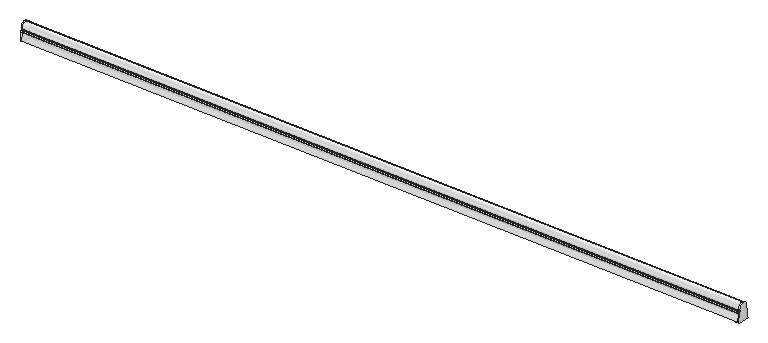
Revit family "0051040 Sylvania Lighting Fixture LED PIPE G2 L1500 NW", category Lighting Fixtures, host Face, Revit 2016
Family settings
  Host = Face
  Part Type = Normal
  Round Connector Dimension = Use Diameter
  OmniClass Number = 23.80.70.00
  OmniClass Title = Lighting
  Cut with Voids When Loaded = No
  Light Source = Yes
  Shared = No
  Room Calculation Point = No
Parameters (values of type "0051040 LED PIPE G2 L1500 NW")
  Width_SYL = 24 mm
  Weight = "6.52 kg"
  Wattage Comments = ""
  Wattage = 16 W
  WarrantyStartDate [instance] = "n/a"
  WarrantyGuarantorParts = "n/a"
  WarrantyDurationUnit = "n/a"
  WarrantyDurationParts = "n/a"
  WarrantyDescription = "n/a"
  built-in parameter 1150110 = 1 (stored number, unit not read)
  Voltage = 230 V
  URL = "http://www.sylvania-lighting.com"
  TypeName = "LED PIPE G2 L1500 NW"
  Type Image = <None>
  Type Comments = "n/a"
  built-in parameter 1114217 = 1 (stored number, unit not read)
  Tilt Angle = -90.00°
  built-in parameter 1150109 = 1 (stored number, unit not read)
  built-in parameter 1150134 = 12
  built-in parameter 1150113 = 1 (stored number, unit not read)
  SerialNumber [instance] = "n/a"
  RadiusTop_SYL = 9.1 mm
  RadiusSmall_SYL = 1.002 mm
  RadiusShoulder_SYL = 4.5 mm
  RadiusBottom_SYL = 1.5 mm
  Photometric Web File = "0051040.ies"
  Material_3_FEILO = none
  PowerFactor = 0.9
  PowerConsumption = "16 W"
  NominalLength = 1500 mm
  NominalHeight = 35 mm
  NominalDepth = 24 mm
  Name = "LED PIPE G2 L1500 NW"
  ModelReference = Name  # "LED PIPE G2 L1500 NW"
  ModelNumber = "0051040"
  Model = Name  # "LED PIPE G2 L1500 NW"
  Material = "pc housing, pc diffuser"
  ManufacturerName = "Feilo Sylvania"
  Manufacturer = "Feilo Sylvania"
  LuminousEfficacy = "100 lm/W"
  built-in parameter 1150105 = 315.45 (stored number, unit not read)
  Lumens = 1600 lm
  LuminaireType = ""
  built-in parameter 1150115 = 1 (stored number, unit not read)
  LightOutputRatio = "n/a"
  built-in parameter 1150137 = (empty or 0)
  built-in parameter 1150139 = (empty or 0)
  Length_SYL = 1500 mm
  LampsType = Lamp  # "LED"
  LampNominalLuminous = "1600 lm"
  LampMacAdamStep = "6"
  LampColourTemperature = "4000 K"
  LampColourRenderingIndex = "80"
  built-in parameter 1150112 = 1 (stored number, unit not read)
  built-in parameter 1150114 = 1 (stored number, unit not read)
  Lamp = "LED"
  Keynote = "16500"
  InstallationDate [instance] = "n/a"
  InputVoltage = "220-240V~"
  InputNominalFrequency = "50/60 Hz"
  built-in parameter 1150132 = (empty or 0)
  built-in parameter 1150102 = (empty or 0)
  built-in parameter 1150107 = 4000 (stored number, unit not read)
  built-in parameter 1150138 = (empty or 0)
  IngressProtection = "IP20"
  ImpactProtectionIndex = "IK02"
  built-in parameter 1150106 = 3.1545 (stored number, unit not read)
  IfcExportType = "IfcLightFixtureType"
  IfcExportAs = "IfcLightFixtureType"
  Height_SYL = 35 mm
  ExpectedLife = 50000
  built-in parameter 1150127 = 10 mm
  Emit from Rectangle Length = Length_SYL - 6 mm  # 1494 mm
  Emit Shape Visible in Rendering = no
  ElectricShockClassification = "Class II"
  built-in parameter 1150104 = 9.2903 (stored number, unit not read)
  DurationUnit = "hours"
  DocumentationLiterature = "http://www.sylvania-lighting.com/product/en-int/products/0051040"
  DimmingControlOptions = "n/a"
  Material_2_FEILO = LED-Sylvania-ledpipe
  Dimming Lamp Color Temperature Shift = <None>
  Description = "LED T5 replacement batten, seamless linking (up to 10M), Ideal for direct lighting such as under cabinet or in kitchens, 150 degree beam angle, includes switch, includes 0.30m stripped cable, white polycarbonate body, includes standard and tilting brackets"
  Default Elevation = 1219.2 mm
  CreatedOn = "6/11/2018"
  CreatedBy = "aron.fodor@sylvania-lighting.com"
  Cost = 0
  Color Filter = 16777215
  built-in parameter 1114216 [instance] = (empty or 0)
  ClassificationValue = "EF_70_80"
  ClassificationName = "Uniclass2015"
  Material_1_FEILO = Body-Sylvania-ledpipe
  BarCode [instance] = "n/a"
  built-in parameter 1114218 = 1 (stored number, unit not read)
  Emit from Rectangle Width = 3048 mm
  AssetType = "Fixed"
  AssetIdentifier [instance] = "n/a"
  Assembly Code = "D5020200"
  Apparent Load = 16 VA
  Material_4_FEILO = none
Reference planes
  plane 1 "Center (Front/Back)": y = 0
  plane 2: z = 0
  plane 3 "Center (Left/Right)": x = 0
  plane 4: y = 12
  plane 5: y = -12
  plane 6: z = 35
  plane 7: z = 25.8
  plane 8: y = -10
  plane 9: z = 18.8
  plane 10: z = 21
  plane 11: x = 750
  plane 12: x = -750
  plane 13: x = 747
  plane 14: x = -747
Forms (mm)
  Extrusion 1, solid, material "Body-Sylvania-ledpipe" <- "Material_1_FEILO"
    sketch origin (0, 0, 0) x (0, 1, 0) y (0, 0, 1)
      loop
        arc (-11.824, 1.659) -> (-11.447, 0.497) -> (-10.332, 0) r 1.5
        line (-10.332, 0) -> (10.332, 0)
        arc (10.332, 0) -> (11.447, 0.497) -> (11.824, 1.659) r 1.5
        line (11.824, 1.659) -> (10.168, 17.219)
        arc (10.168, 17.219) -> (9.754, 18.682) -> (8.875, 19.925) r 4.5
        line (8.875, 19.925) -> (8.294, 20.506)
        arc (8.294, 20.506) -> (8.012, 21.058) -> (8.109, 21.67) r 1.002
        arc (8.109, 21.67) -> (7.759, 30.556) -> (0, 34.9) r 9.1
        arc (0, 34.9) -> (-7.759, 30.556) -> (-8.109, 21.67) r 9.1
        arc (-8.109, 21.67) -> (-8.012, 21.058) -> (-8.294, 20.506) r 1.002
        line (-8.294, 20.506) -> (-8.875, 19.925)
        arc (-8.875, 19.925) -> (-9.754, 18.682) -> (-10.168, 17.219) r 4.5
        line (-10.168, 17.219) -> (-11.824, 1.659)
    from -747 to 747
  Extrusion 2, solid, material "Body-Sylvania-ledpipe" <- "Material_1_FEILO"
    sketch origin (747, -4572, 2609.058) x (0, 0, 1) y (0, -1, 0)
      loop
        arc (-2587.388, -4580.109) -> (-2578.502, -4579.759) -> (-2574.158, -4572) r 9.1
        arc (-2574.158, -4572) -> (-2578.502, -4564.241) -> (-2587.388, -4563.891) r 9.1
        arc (-2587.388, -4563.891) -> (-2588, -4563.988) -> (-2588.552, -4563.706) r 1.002
        line (-2588.552, -4563.706) -> (-2589.134, -4563.125)
        arc (-2589.134, -4563.125) -> (-2590.376, -4562.246) -> (-2591.84, -4561.832) r 4.5
        line (-2591.84, -4561.832) -> (-2607.399, -4560.176)
        arc (-2607.399, -4560.176) -> (-2608.561, -4560.553) -> (-2609.058, -4561.668) r 1.5
        line (-2609.058, -4561.668) -> (-2609.058, -4582.332)
        arc (-2609.058, -4582.332) -> (-2608.561, -4583.447) -> (-2607.399, -4583.824) r 1.5
        line (-2607.399, -4583.824) -> (-2591.84, -4582.168)
        arc (-2591.84, -4582.168) -> (-2590.376, -4581.754) -> (-2589.134, -4580.875) r 4.5
        line (-2589.134, -4580.875) -> (-2588.552, -4580.294)
        arc (-2588.552, -4580.294) -> (-2588, -4580.012) -> (-2587.388, -4580.109) r 1.002
    from 0 to 3
  Extrusion 3, solid, material "Body-Sylvania-ledpipe" <- "Material_1_FEILO"
    sketch origin (-297, -4572, 2609.058) x (0, 0, 1) y (0, -1, 0)
      loop
        arc (-2587.388, -4580.109) -> (-2578.502, -4579.759) -> (-2574.158, -4572) r 9.1
        arc (-2574.158, -4572) -> (-2578.502, -4564.241) -> (-2587.388, -4563.891) r 9.1
        arc (-2587.388, -4563.891) -> (-2588, -4563.988) -> (-2588.552, -4563.706) r 1.002
        line (-2588.552, -4563.706) -> (-2589.134, -4563.125)
        arc (-2589.134, -4563.125) -> (-2590.376, -4562.246) -> (-2591.84, -4561.832) r 4.5
        line (-2591.84, -4561.832) -> (-2607.399, -4560.176)
        arc (-2607.399, -4560.176) -> (-2608.561, -4560.553) -> (-2609.058, -4561.668) r 1.5
        line (-2609.058, -4561.668) -> (-2609.058, -4582.332)
        arc (-2609.058, -4582.332) -> (-2608.561, -4583.447) -> (-2607.399, -4583.824) r 1.5
        line (-2607.399, -4583.824) -> (-2591.84, -4582.168)
        arc (-2591.84, -4582.168) -> (-2590.376, -4581.754) -> (-2589.134, -4580.875) r 4.5
        line (-2589.134, -4580.875) -> (-2588.552, -4580.294)
        arc (-2588.552, -4580.294) -> (-2588, -4580.012) -> (-2587.388, -4580.109) r 1.002
    from -450 to -453
Lines and regions (mm)
  reference lines
    curve 1: circle (0, 0, 25.8) r 9.1 normal (1, 0, 0)
    curve 2: line (0, -12, 0) -> (0, -10, 18.8)
Dimensions and locks
  equal spacing: plane 5, plane 1 "Center (Front/Back)", plane 4
  "Width_SYL": plane 5 to plane 4
  "Height_SYL": plane 6 to plane 2
  locked: plane 6 to plane 7 at 9.2
  locked: plane 5 to plane 8 at 2
  locked: plane 7 to plane 9 at 7
  locked: plane 10 to plane 9 at 2.2
  equal spacing: plane 11, plane 3 "Center (Left/Right)", plane 12
  "Length_SYL": plane 11 to plane 12
  equal spacing: plane 13, plane 3 "Center (Left/Right)", plane 14
  locked: plane 14 to plane 12 at 3
  "RadiusTop_SYL": radius of curve 1
  "RadiusSmall_SYL": radius of Extrusion 1 sketch curve
  "RadiusShoulder_SYL": radius of Extrusion 1 sketch curve
  "RadiusTop_SYL": radius of Extrusion 1 sketch curve
  "RadiusBottom_SYL": radius of Extrusion 1 sketch curve  (x2)
  aligned and locked: plane 2 to host face
  aligned and locked: level to host face
  aligned and locked: plane 7 to curve 1
  aligned and locked: plane 1 "Center (Front/Back)" to curve 1
  aligned and locked: plane 8 to curve 2
  aligned and locked: curve 2 to Extrusion 1 sketch curve  (x2)
  aligned and locked: plane 7 to Extrusion 1 sketch curve
  aligned and locked: plane 1 "Center (Front/Back)" to Extrusion 1 sketch curve
  aligned and locked: Extrusion 1 sketch curve to level
  aligned and locked: plane 13 to Extrusion 1
  aligned and locked: Extrusion 1 to plane 14
  aligned and locked: Extrusion 2 sketch curve to Extrusion 1  (x8)
  aligned and locked: plane 11 to Extrusion 2
  aligned and locked: Extrusion 2 to Extrusion 1
  aligned and locked: Extrusion 3 sketch curve to Extrusion 2  (x8)
  aligned and locked: Extrusion 3 to Extrusion 1
  aligned and locked: Extrusion 3 to plane 12
  aligned and locked: imposter light to plane 1 "Center (Front/Back)"
  aligned and locked: plane 6 to imposter light
  aligned and locked: plane 3 "Center (Left/Right)" to imposter light
Automatic sketch dimensions
  host sketch curve to host sketch curve = 2438.4 mm  (x2)
  curve 2 to level = 0 mm
  curve 2 to plane 5 = 0 mm
  curve 2 to plane 9 = 0 mm
  Extrusion 1 sketch curve to Extrusion 1 sketch curve = 0 mm
  Extrusion 1 sketch curve to plane 5 = 0.176 mm
  plane 8 to Extrusion 1 sketch curve = 0.168 mm
  plane 10 to Extrusion 1 sketch curve = 0.215 mm  (x2)
  Extrusion 1 sketch curve to plane 8 = 0.998 mm
  Extrusion 1 sketch curve to plane 10 = 1.075 mm  (x2)
  Extrusion 1 sketch curve to plane 10 = 0.494 mm  (x2)
  Extrusion 1 sketch curve to plane 9 = 2.057 mm
  Extrusion 1 sketch curve to plane 1 "Center (Front/Back)" = 5.693 mm
  plane 4 to Extrusion 1 sketch curve = 3.706 mm
  Extrusion 1 sketch curve to Extrusion 1 sketch curve = 0.582 mm
  Extrusion 1 sketch curve to Extrusion 1 sketch curve = 0.709 mm
  Extrusion 1 sketch curve to plane 9 = 1.581 mm
  plane 4 to Extrusion 1 sketch curve = 1.668 mm
  plane 4 to Extrusion 1 sketch curve = 0.176 mm
  Extrusion 2 sketch curve to Extrusion 2 sketch curve = 0.159 mm
  Extrusion 2 sketch curve to plane 5 = 0.176 mm
  plane 8 to Extrusion 2 sketch curve = 0.168 mm
  Extrusion 2 sketch curve to plane 9 = 1.581 mm
  Extrusion 2 sketch curve to plane 10 = 0.494 mm  (x2)
  Extrusion 2 sketch curve to Extrusion 2 sketch curve = 0.127 mm
  Extrusion 2 sketch curve to Extrusion 2 sketch curve = 0.582 mm
  Extrusion 3 sketch curve to Extrusion 3 sketch curve = 0.159 mm
  Extrusion 3 sketch curve to plane 5 = 0.176 mm
  plane 8 to Extrusion 3 sketch curve = 0.168 mm
  Extrusion 3 sketch curve to plane 9 = 1.581 mm
  Extrusion 3 sketch curve to plane 10 = 0.494 mm  (x2)
  Extrusion 3 sketch curve to Extrusion 3 sketch curve = 0.127 mm
  Extrusion 3 sketch curve to Extrusion 3 sketch curve = 0.582 mm
Connectors
  electrical at (0, 0, 0), driven by "Apparent Load", driven by "PowerFactor", driven by "Voltage"
    settings: index 1, voltage 230 V, apparent load 16 VA, apparent load phase1 0 VA, apparent load phase2 0 VA, apparent load phase3 0 VA, power factor 0.9, load classification "Lighting", number of poles 1, system type 30, power factor state 1, is connector primary yes, connector utility no, sub classification motor no, connector description ""
